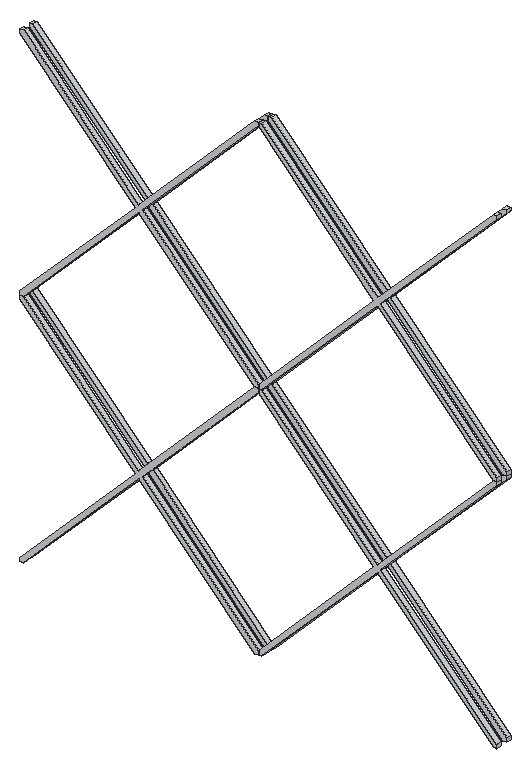
Revit family "e8de046ea44d436182015262b0ea44bd", category Generic Models, Revit 2021
Family settings
  Can host rebar = No
  Round Connector Dimension = Use Diameter
  Part Type = Normal
  Work Plane-Based = No
  Always vertical = Yes
  Cut with Voids When Loaded = No
  Shared = Yes
  Room Calculation Point = No
Parameters
  Width [instance] = 4' - 0"
  Thickness = 0' - 0 1/2"
  Height [instance] = 4' - 0"
  Interior Material [instance] = none
  Exterior Material [instance] = none
  Distance = 0' - 0 3/4"
  Default Elevation = 0' - 0"
Reference planes (in)
  plane 1 "Center (Front/Back)": y = 0
  plane 2: z = 0
  plane 3 "Center (Left/Right)": x = 0
  plane 4: z = 48
  plane 5: x = -24
  plane 6: x = 24
  plane 7: z = 24
Dimensions and locks (in)
  equal spacing: plane 6, plane 3 "Center (Left/Right)", plane 5
  "Width": plane 6 to plane 5
  "Height": plane 4 to plane 2
  equal spacing: plane 4, plane 7, plane 2
  aligned and locked: plane 2 to level
  aligned and locked: plane 1 "Center (Front/Back)" to nested 1
  aligned and locked: plane 1 "Center (Front/Back)" to nested 2
  aligned and locked: plane 1 "Center (Front/Back)" to nested 3
  aligned and locked: plane 1 "Center (Front/Back)" to nested 4
  aligned and locked: plane 6 to nested 3
  aligned and locked: plane 4 to nested 3
  aligned and locked: plane 3 "Center (Left/Right)" to nested 3
  aligned and locked: plane 7 to nested 3
  aligned and locked: plane 6 to nested 2
  aligned and locked: plane 7 to nested 2
  aligned and locked: plane 2 to nested 2
  aligned and locked: plane 3 "Center (Left/Right)" to nested 2
  aligned and locked: plane 4 to nested 1
  aligned and locked: plane 7 to nested 1
  aligned and locked: plane 5 to nested 1
  aligned and locked: plane 3 "Center (Left/Right)" to nested 1
  aligned and locked: plane 5 to nested 4
  aligned and locked: plane 3 "Center (Left/Right)" to nested 4
  aligned and locked: plane 7 to nested 4
  aligned and locked: plane 2 to nested 4
Nested families (in)
  nested 1: "Muntin Pattern_Diamond" at (-12, 0, 24), Exterior Material <- "Exterior Material", Interior Material <- "Interior Material", type "Muntin Pattern_Diamond"
    with W 2' - 0", Interior Material none, H 2' - 0", Exterior Material none
  nested 2: "Muntin Pattern_Diamond" at (12, 0, 0), Exterior Material <- "Exterior Material", Interior Material <- "Interior Material", type "Muntin Pattern_Diamond"
    with W 2' - 0", Interior Material none, H 2' - 0", Exterior Material none
  nested 3: "Muntin Pattern_Diamond" at (12, 0, 24), Exterior Material <- "Exterior Material", Interior Material <- "Interior Material", type "Muntin Pattern_Diamond"
    with W 2' - 0", Interior Material none, H 2' - 0", Exterior Material none
  nested 4: "Muntin Pattern_Diamond" at (-12, 0, 0), Exterior Material <- "Exterior Material", Interior Material <- "Interior Material", type "Muntin Pattern_Diamond"
    with W 2' - 0", Interior Material none, H 2' - 0", Exterior Material none
Definition of nested family "Muntin Pattern_Diamond"
  Parameters (values of type "Muntin Pattern_Diamond")
    W [instance] = 4' - 0"
    Thickness = 0' - 0 1/2"
    H [instance] = 4' - 0"
    Interior Material [instance] = none
    Distance = 0' - 0 3/4"
    Exterior Material [instance] = none
    Default Elevation = 0' - 0"
  Reference planes (in)
    plane 1 "Center (Front/Back)": y = 0
    plane 2: z = 0
    plane 3 "Center (Left/Right)": x = 0
    plane 4: z = 48
    plane 5: x = -24
    plane 6: x = 24
    plane 7: z = 24
    plane 8: y = 0.375
    plane 9: y = -0.375
    plane 10: y = 0.875
    plane 11: y = -0.875
  Forms (in)
    Extrusion 1, solid, material <- "Exterior Material", detail levels fine
      sketch origin (-24, 0, 48) x (0.707107, 0, -0.707107) y (0.707107, 0, 0.707107)
        loop
          line (0, 0.25) -> (0, -0.25) -> (67.88225, -0.25) -> (67.88225, 0.25) -> (0, 0.25)
      from -0.875 to -0.375
    Extrusion 2, solid, material <- "Exterior Material", detail levels fine
      sketch origin (24, 0, 48) x (-0.707107, 0, -0.707107) y (0.707107, 0, -0.707107)
        loop
          line (67.88225, 0.25) -> (0, 0.25) -> (0, -0.25) -> (67.88225, -0.25) -> (67.88225, 0.25)
      from -0.875 to -0.375
    Extrusion 3, void
      sketch origin (0, 0, 0) x (1, 0, 0) y (0, 0, 1)
        loop
          line (-24, 48) -> (-24, 0) -> (24, 0) -> (24, 48) -> (-24, 48)
        loop
          line (-24.5, 48.5) -> (-24.5, -0.5) -> (24.5, -0.5) -> (24.5, 48.5) -> (-24.5, 48.5)
      from -0.875 to 0.875
    Extrusion 4, solid, material <- "Interior Material", detail levels fine
      sketch origin (-24, 0, 48) x (0.707107, 0, -0.707107) y (0.707107, 0, 0.707107)
        loop
          line (0, 0.25) -> (0, -0.25) -> (67.88225, -0.25) -> (67.88225, 0.25) -> (0, 0.25)
      from 0.375 to 0.875
    Extrusion 5, solid, material <- "Interior Material", detail levels fine
      sketch origin (24, 0, 48) x (-0.707107, 0, -0.707107) y (0.707107, 0, -0.707107)
        loop
          line (0, -0.25) -> (67.88225, -0.25) -> (67.88225, 0.25) -> (0, 0.25) -> (0, -0.25)
      from 0.375 to 0.875
  Cuts and joins
    Extrusion 3 cuts Extrusion 1
    Extrusion 3 cuts Extrusion 2
    joined: Extrusion 1, Extrusion 2
    Extrusion 3 cuts Extrusion 4
    Extrusion 3 cuts Extrusion 5
    joined: Extrusion 4, Extrusion 5
  Lines and regions (in)
    reference lines
      curve 1: line (-24, 0, 48) -> (24, 0, 0)
      curve 2: line (24, 0, 48) -> (-24, 0, 0)
      curve 3: line (-24, 0, 48) -> (-17.98959, 0, 54.01041)
      curve 4: line (24, 0, 0) -> (31.6014, 0, 7.6014)
      curve 5: line (-21.20495, 0, 44.8514) -> (16.78122, 0, 6.86522)
      curve 6: line (-20.8514, 0, 45.20495) -> (17.13478, 0, 7.21878)
      curve 7: line (24, 0, 48) -> (18.87348, 0, 53.12652)
      curve 8: line (-24, 0, 0) -> (-28.24264, 0, 4.24264)
      curve 9: line (-23.82322, 0, -0.17678) -> (22.31549, 0, 45.96194)
      curve 10: line (-24.17678, 0, 0.17678) -> (21.96194, 0, 46.31549)
    model lines, detail levels medium
      curve 11: line (24, 0.375, 0) -> (-24, 0.375, 48)
      curve 12: line (24, 0.375, 48) -> (-24, 0.375, 0)
      curve 13: line (24, -0.375, 0) -> (-24, -0.375, 48)
      curve 14: line (24, -0.375, 48) -> (-24, -0.375, 0)
  Dimensions and locks (in)
    equal spacing: plane 6, plane 3 "Center (Left/Right)", plane 5
    "W": plane 6 to plane 5
    "H": plane 4 to plane 2
    equal spacing: plane 4, plane 7, plane 2
    equal spacing: curve 5, curve 1, curve 6
    "Thickness": curve 5 to curve 6
    equal spacing: curve 9, curve 2, curve 10
    "Thickness": curve 9 to curve 10
    "Thickness": Extrusion 3 sketch curve to plane 6
    "Thickness": plane 2 to Extrusion 3 sketch curve
    "Thickness": plane 5 to Extrusion 3 sketch curve
    "Thickness": Extrusion 3 sketch curve to plane 4
    "Distance": plane 8 to plane 9
    equal spacing: plane 8, plane 1 "Center (Front/Back)", plane 9
    "Thickness": plane 10 to plane 8
    "Thickness": plane 9 to plane 11
    locked: curve 1 to curve 3 (angle 90.00°)
    locked: curve 4 to curve 1 (angle 90.00°)
    locked: curve 7 to curve 2 (angle 90.00°)
    locked: curve 2 to curve 8 (angle 90.00°)
    aligned and locked: plane 2 to level
    aligned and locked: plane 4 to curve 1
    aligned and locked: plane 5 to curve 1
    aligned and locked: plane 2 to curve 2
    aligned and locked: plane 5 to curve 2
    aligned and locked: plane 6 to curve 1
    aligned and locked: plane 2 to curve 1
    aligned and locked: plane 6 to curve 2
    aligned and locked: plane 4 to curve 2
    aligned and locked: plane 4 to curve 3
    aligned and locked: plane 5 to curve 3
    aligned and locked: plane 6 to curve 4
    aligned and locked: plane 2 to curve 4
    aligned and locked: Extrusion 1 sketch curve to curve 5
    aligned and locked: Extrusion 1 sketch curve to curve 3
    aligned and locked: Extrusion 1 sketch curve to curve 6
    aligned and locked: curve 6 to Extrusion 1 sketch curve
    aligned and locked: curve 5 to Extrusion 1 sketch curve
    aligned and locked: Extrusion 1 sketch curve to curve 4
    aligned and locked: curve 4 to Extrusion 1 sketch curve
    aligned and locked: plane 5 to curve 8
    aligned and locked: plane 2 to curve 8
    aligned and locked: plane 6 to curve 7
    aligned and locked: plane 4 to curve 7
    aligned and locked: Extrusion 2 sketch curve to curve 10  (x2)
    aligned and locked: Extrusion 2 sketch curve to curve 8  (x2)
    aligned and locked: curve 9 to Extrusion 2 sketch curve  (x2)
    aligned and locked: curve 7 to Extrusion 2 sketch curve
    aligned and locked: plane 5 to Extrusion 3 sketch curve
    aligned and locked: Extrusion 3 sketch curve to plane 4
    aligned and locked: Extrusion 3 sketch curve to plane 6
    aligned and locked: plane 2 to Extrusion 3 sketch curve
    aligned and locked: plane 10 to cut or joined group of Extrusion 1, Extrusion 2, Extrusion 3  (x2)
    aligned and locked: cut or joined group of Extrusion 1, Extrusion 2, Extrusion 3 to plane 8  (x2)
    aligned and locked: plane 10 to Extrusion 3
    aligned and locked: Extrusion 3 to plane 11
    aligned and locked: curve 3 to Extrusion 4 sketch curve
    aligned and locked: Extrusion 4 sketch curve to curve 3
    aligned and locked: Extrusion 4 sketch curve to curve 6
    aligned and locked: Extrusion 4 sketch curve to curve 5
    aligned and locked: Extrusion 4 sketch curve to curve 4
    aligned and locked: curve 6 to Extrusion 4 sketch curve
    aligned and locked: curve 5 to Extrusion 4 sketch curve
    aligned and locked: Extrusion 5 sketch curve to curve 9
    aligned and locked: Extrusion 5 sketch curve to curve 10
    aligned and locked: Extrusion 5 sketch curve to curve 7  (x2)
    aligned and locked: Extrusion 5 sketch curve to curve 8  (x2)
    aligned and locked: curve 9 to Extrusion 5 sketch curve
    aligned and locked: curve 10 to Extrusion 5 sketch curve
    aligned and locked: Extrusion 4 to plane 11
    aligned and locked: Extrusion 5 to plane 11
    aligned and locked: plane 9 to Extrusion 4
    aligned and locked: plane 9 to Extrusion 5
    aligned and locked: plane 2 to curve 11
    aligned and locked: plane 6 to curve 11
    aligned and locked: plane 5 to curve 11
    aligned and locked: plane 4 to curve 11
    aligned and locked: plane 5 to curve 12
    aligned and locked: plane 2 to curve 12
    aligned and locked: plane 4 to curve 12
    aligned and locked: plane 6 to curve 12
    aligned and locked: plane 2 to curve 13
    aligned and locked: plane 6 to curve 13
    aligned and locked: plane 4 to curve 14
    aligned and locked: plane 6 to curve 14
    aligned and locked: plane 4 to curve 13
    aligned and locked: plane 5 to curve 13
    aligned and locked: plane 2 to curve 14
    aligned and locked: plane 5 to curve 14
  Automatic sketch dimensions
    curve 1 to curve 6 = 0' - 4.20279"
    curve 1 to curve 5 = 0' - 4.20279"
    curve 5 to curve 1 = 0' - 9.95889"
    curve 6 to curve 5 = 0' - 0"
    curve 2 to curve 9 = 0' - 0"
    curve 2 to curve 9 = 0' - 2.63225"
    curve 2 to curve 10 = 0' - 2.63225"
